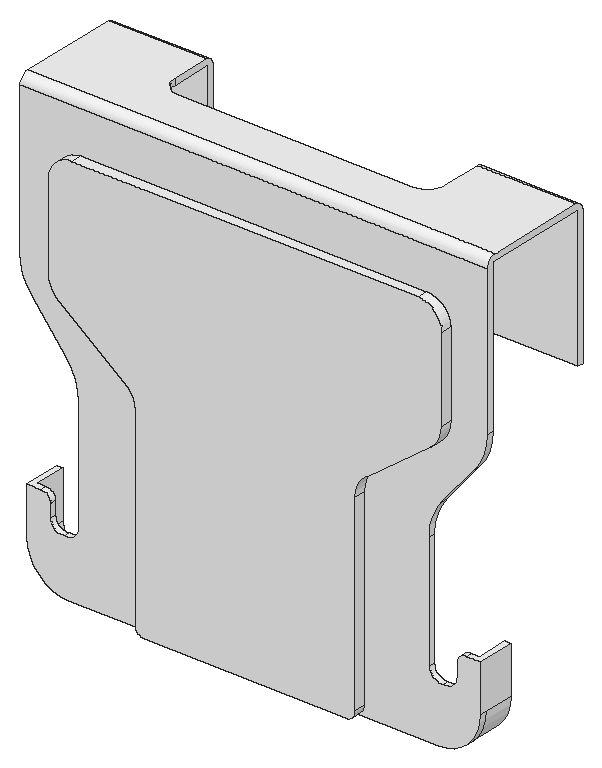
Revit family "clip_cw19", category 機械設備, Revit 2020
Family settings
  丸型コネクタ寸法 = 直径を使用
  種別 = なし
  パーツ タイプ = 標準
  作業面ベース = いいえ
  常に垂直 = はい
  ロード時にボイドで切り取り = いいえ
  共有 = いいえ
  部屋計算ポイント = いいえ
Parameters
  製造元 = "株式会社桐井製作所"
  既定の高さ = 0 mm
  URL = "https://www.kirii.co.jp/"
  K_材質 = "SGCC　一般用"
  K_品名 = "CW-19用クリップ"
  K_名称 = "クリップ"
  K_単位質量(kg/個) = 0.016
  K_入数 = "500"
  K_バージョン情報 = "20210524"
  K_めっき付着量 = "Z12"
  K_JIS規格 = "JIS G 3302"
  K_JIS外 [instance] = not(K_JIS)  # no
  K_JIS [instance] = yes
Reference planes
  plane 1 "中心(正面/背面)": y = 0
  plane 2: z = 0
  plane 3 "中心(左/右)": x = 0
Forms (mm)
  Extrusion 1, solid
    sketch origin (-12.5, 0, 0) x (1, 0, 0) y (0, 0, 1)
      loop
        line (31, 43) -> (-6, 43)
        arc (-6, 43) -> (-7.768, 42.268) -> (-8.5, 40.5) r 2.5
        line (-8.5, 40.5) -> (-8.5, 31.492)
        arc (-8.5, 31.492) -> (-8.186, 30.156) -> (-7.31, 29.1) r 3
        line (-7.31, 29.1) -> (-0.44, 23.9)
        arc (-0.44, 23.9) -> (0.436, 22.844) -> (0.75, 21.508) r 3
        line (0.75, 21.508) -> (0.75, 1)
        arc (0.75, 1) -> (1.043, 0.293) -> (1.75, 0) r 1
        line (1.75, 0) -> (23.25, 0)
        arc (23.25, 0) -> (23.957, 0.293) -> (24.25, 1) r 1
        line (24.25, 1) -> (24.25, 21.508)
        arc (24.25, 21.508) -> (24.564, 22.844) -> (25.44, 23.9) r 3
        line (25.44, 23.9) -> (32.31, 29.1)
        arc (32.31, 29.1) -> (33.186, 30.156) -> (33.5, 31.492) r 3
        line (33.5, 31.492) -> (33.5, 40.5)
        arc (33.5, 40.5) -> (32.768, 42.268) -> (31, 43) r 2.5
    from -1.17 to 0
  Extrusion 2, solid
    sketch origin (-12.5, 0, 0) x (1, 0, 0) y (0, 0, 1)
      loop
        line (-11.15, 10.122) -> (-11.75, 9.6) -> (-11.75, 4.5)
        arc (-11.75, 4.5) -> (-10.432, 1.318) -> (-7.25, 0) r 4.5
        line (-7.25, 0) -> (32.25, 0)
        arc (32.25, 0) -> (35.432, 1.318) -> (36.75, 4.5) r 4.5
        line (36.75, 4.5) -> (36.75, 9.6) -> (36.15, 10.122) -> (36.15, 4.5)
        arc (36.15, 4.5) -> (35.008, 1.742) -> (32.25, 0.6) r 3.9
        line (32.25, 0.6) -> (-7.25, 0.6)
        arc (-7.25, 0.6) -> (-10.008, 1.742) -> (-11.15, 4.5) r 3.9
        line (-11.15, 4.5) -> (-11.15, 10.122)
    from -5.17 to -1.8
  Extrusion 3, void
    sketch origin (-12.5, 0, 0) x (1, 0, 0) y (0, 0, 1)
      loop
        arc (31.25, 7.25) -> (31.709, 6.282) -> (32.75, 6.025) r 1.25
        arc (32.75, 6.025) -> (33.791, 6.282) -> (34.25, 7.25) r 1.25
        line (34.25, 7.25) -> (34.25, 8.6)
        arc (34.25, 8.6) -> (34.543, 9.307) -> (35.25, 9.6) r 1
        line (35.25, 9.6) -> (36.75, 9.6) -> (36.75, 4.5)
        arc (36.75, 4.5) -> (35.432, 1.318) -> (32.25, 0) r 4.5
        line (32.25, 0) -> (37.5, 0) -> (37.5, 31.63)
        arc (37.5, 31.63) -> (37.154, 29.623) -> (36.157, 27.847) r 6
        line (36.157, 27.847) -> (32.593, 23.461)
        arc (32.593, 23.461) -> (31.596, 21.685) -> (31.25, 19.677) r 6
        line (31.25, 19.677) -> (31.25, 7.25)
      loop
        arc (-6.25, 19.434) -> (-6.577, 21.387) -> (-7.522, 23.128) r 6
        line (-7.522, 23.128) -> (-11.228, 27.872)
        arc (-11.228, 27.872) -> (-12.173, 29.613) -> (-12.5, 31.566) r 6
        line (-12.5, 31.566) -> (-12.5, 0) -> (-7.25, 0)
        arc (-7.25, 0) -> (-10.432, 1.318) -> (-11.75, 4.5) r 4.5
        line (-11.75, 4.5) -> (-11.75, 9.6) -> (-10.25, 9.6)
        arc (-10.25, 9.6) -> (-9.543, 9.307) -> (-9.25, 8.6) r 1
        line (-9.25, 8.6) -> (-9.25, 7.25)
        arc (-9.25, 7.25) -> (-8.791, 6.282) -> (-7.75, 6.025) r 1.25
        arc (-7.75, 6.025) -> (-6.709, 6.282) -> (-6.25, 7.25) r 1.25
        line (-6.25, 7.25) -> (-6.25, 19.434)
    from -5.17 to 0
  Extrusion 4, void
    sketch origin (-12.5, 0, 0) x (1, 0, 0) y (0, 1, 0)
      loop
        arc (25, 6.67) -> (26.414, 7.256) -> (27, 8.67) r 2
        line (27, 8.67) -> (27, 13.798) -> (-2, 13.798) -> (-2, 8.67)
        arc (-2, 8.67) -> (-1.414, 7.256) -> (0, 6.67) r 2
        line (0, 6.67) -> (25, 6.67)
    from 32.9 to 48.855
  Extrusion 5, solid
    sketch origin (-12.5, 30, 0) x (0, 1, 0) y (0, 0, 1)
      loop
        line (-28.2, 47.9) -> (-16.819, 47.9) -> (-16.819, 32.283) -> (-16.202, 32.9) -> (-16.202, 47.684)
        arc (-16.202, 47.684) -> (-16.482, 48.236) -> (-17.033, 48.518) r 1
        line (-17.033, 48.518) -> (-27.828, 48.53)
        arc (-27.828, 48.53) -> (-28.536, 48.238) -> (-28.83, 47.53) r 1
        line (-28.83, 47.53) -> (-28.83, 0) -> (-27.64, 0) -> (-28.2, 0.6) -> (-28.2, 47.9)
    from -12.5 to 37.5
  Extrusion 6, void
    sketch origin (-12.5, 0, 0) x (0, 1, 0) y (0, 0, 1)
      loop
        line (13.798, 32.9) -> (12.798, 32.9) -> (12.798, 31.9) -> (13.798, 31.9) -> (13.798, 32.9)
    from -12.5 to 37.5
Cuts and joins
  Extrusion 3 cuts Extrusion 2
  Extrusion 3, Extrusion 4, Extrusion 6 cuts Extrusion 5
  joined: Extrusion 1, Extrusion 2, Extrusion 5
Dimensions and locks
  aligned and locked: level to plane 2
